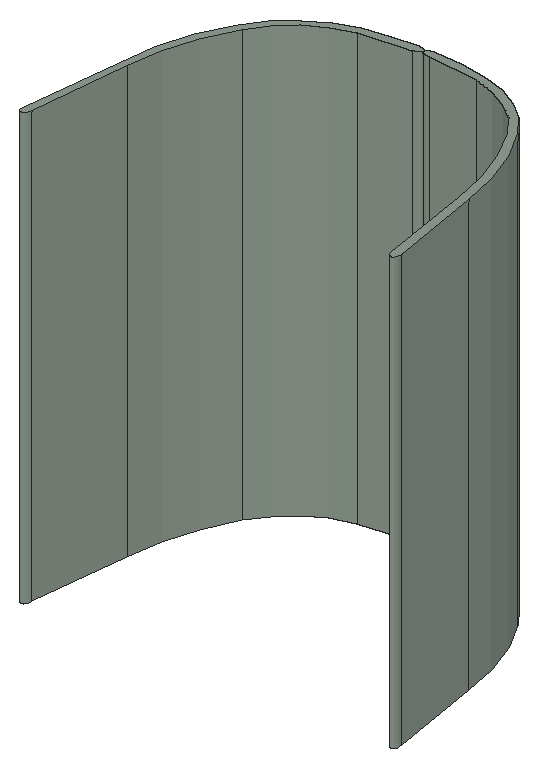
Revit family "FU_Panel_Sandler_KERN 1020PC", category Furniture, Revit 2022
Family settings
  OmniClass Number = 23.40.20.00
  OmniClass Title = General Furniture and Specialties
  Work Plane-Based = No
  Always vertical = Yes
  Cut with Voids When Loaded = No
  Render Appearance Source = Family Geometry
  Shared = No
  Room Calculation Point = No
Parameters (values of type "Kern 1020PC")
  Width = 935 mm
  URL = "https://www.sandlerseating.com/product/kern-1020pc/"
  Panel [instance] = Fabric - Mainline Flax - Bayswater MLF24
  Model = "Kern 1020PC"
  Manufacturer = "Sandler"
  Height = 1260 mm
  Description = "Three-sided privacy screen for Kern armchairs."
  Depth = 685 mm
  Default Elevation = 0 mm
Reference planes
  plane 1 "Center (Front/Back)": y = 0
  plane 2: z = 0
  plane 3 "Center (Left/Right)": x = 0
  plane 4 "Right": x = -467.5
  plane 5 "Left": x = 467.5
  plane 6 "Back": y = 379
  plane 7 "Front": y = -306
  plane 8 "Height": z = 1260
  plane 9 "Elevation": z = 170
Forms (mm)
  Sweep 1, solid, material "Fabric - Mainline Flax - Bayswater MLF24" <- "Panel"
    path origin (0, 379, 0) x (-1, 0, 0) y (0, 0, 1)
      loop
        line (0, 170) -> (0, 1260)
    profile origin (0, 379, 715) x (1, 0, 0) y (0, 1, 0)
      loop
        arc (-20.919, 0) -> (-87.321, -3.573) -> (-152.956, -14.241) r 619.594
        arc (-152.956, -14.241) -> (-263.73, -63.124) -> (-346.586, -151.413) r 303.571
        arc (-346.586, -151.413) -> (-405.092, -276.547) -> (-433.381, -411.755) r 599.071
        line (-433.381, -411.755) -> (-467.5, -663.74)
        spline (-467.5, -663.74) -> (-467.767, -668.922) -> (-467.287, -673.841) -> (-466.094, -678.161) -> (-464.269, -681.587) -> (-461.935, -683.887) -> (-459.253, -684.903) -> (-456.404, -684.566) -> (-453.584, -682.899) -> (-450.984, -680.016) -> (-448.781, -676.113) -> (-447.126, -671.457) -> (-446.131, -666.364)
        line (-446.131, -666.364) -> (-412.012, -414.379)
        arc (-412.012, -414.379) -> (-385.125, -283.156) -> (-329.302, -161.393) r 589.35
        arc (-329.302, -161.393) -> (-251.898, -78.577) -> (-147.642, -34.075) r 274.638
        arc (-147.642, -34.075) -> (-84.58, -24.608) -> (-20.912, -21.046) r 685.105
        spline (-20.912, -21.046) -> (-15.483, -20.687) -> (-10.424, -19.635) -> (-6.081, -17.962) -> (-2.748, -15.782) -> (-0.654, -13.244) -> (0.06, -10.521) -> (-0.656, -7.798) -> (-2.752, -5.26) -> (-6.086, -3.081) -> (-10.431, -1.409) -> (-15.49, -0.358) -> (-20.919, 0)
  Sweep 2, solid, material "Fabric - Mainline Flax - Bayswater MLF24" <- "Panel"
    path origin (0, 379, 0) x (1, 0, 0) y (0, 0, -1)
      loop
        line (0, -170) -> (0, -1260)
    profile origin (0, 379, 715) x (1, 0, 0) y (0, 1, 0)
      loop
        spline (20.919, 0) -> (15.49, -0.358) -> (10.431, -1.409) -> (6.086, -3.081) -> (2.752, -5.26) -> (0.656, -7.798) -> (-0.06, -10.521) -> (0.654, -13.244) -> (2.748, -15.782) -> (6.081, -17.962) -> (10.424, -19.635) -> (15.483, -20.687) -> (20.912, -21.046)
        arc (20.912, -21.046) -> (84.58, -24.608) -> (147.642, -34.075) r 685.105
        arc (147.642, -34.075) -> (251.898, -78.577) -> (329.302, -161.393) r 274.638
        arc (329.302, -161.393) -> (385.125, -283.156) -> (412.012, -414.379) r 589.35
        line (412.012, -414.379) -> (446.131, -666.364)
        spline (446.131, -666.364) -> (447.126, -671.457) -> (448.781, -676.113) -> (450.984, -680.016) -> (453.584, -682.899) -> (456.404, -684.566) -> (459.253, -684.903) -> (461.935, -683.887) -> (464.269, -681.587) -> (466.094, -678.161) -> (467.287, -673.841) -> (467.767, -668.922) -> (467.5, -663.74)
        line (467.5, -663.74) -> (433.381, -411.755)
        arc (433.381, -411.755) -> (405.092, -276.547) -> (346.586, -151.413) r 599.071
        arc (346.586, -151.413) -> (263.73, -63.124) -> (152.956, -14.241) r 303.571
        arc (152.956, -14.241) -> (87.321, -3.573) -> (20.919, 0) r 619.594
Dimensions and locks
  plane 6 "Back" to plane 1 "Center (Front/Back)" to plane 7 "Front" = 379 mm, 306 mm
  "Depth": plane 6 "Back" to plane 7 "Front"
  equal spacing: plane 4 "Right", plane 3 "Center (Left/Right)", plane 5 "Left"
  "Width": plane 4 "Right" to plane 5 "Left"
  "Height": plane 8 "Height" to level
  aligned and locked: level to plane 2
Automatic sketch dimensions
  Sweep 1 sketch curve to plane 3 "Center (Left/Right)" = 0 mm
  Sweep 1 sketch curve to plane 9 "Elevation" = 0 mm
  Sweep 1 sketch curve to plane 8 "Height" = 0 mm
  profile plane to Sweep 1 sketch curve = 467.5 mm
  Sweep 1 sketch curve to Sweep 1 sketch curve = 21.369 mm  (x2)
  Sweep 1 sketch curve to Sweep 1 sketch curve = 34.119 mm
  profile plane to Sweep 1 sketch curve = 94.274 mm
  Sweep 1 sketch curve to Sweep 1 sketch curve = 6.029 mm
  profile plane to Sweep 1 sketch curve = 20.879 mm
  profile plane to Sweep 1 sketch curve = 14.512 mm
  Sweep 1 sketch curve to profile plane = 163.228 mm
  Sweep 1 sketch curve to Sweep 1 sketch curve = 11.819 mm
  Sweep 1 sketch curve to plane 6 "Back" = 706.121 mm
  Sweep 1 sketch curve to Sweep 1 sketch curve = 39.757 mm
  Sweep 1 sketch curve to Sweep 1 sketch curve = 86.526 mm
  Sweep 1 sketch curve to Sweep 1 sketch curve = 153.298 mm
  Sweep 1 sketch curve to Sweep 1 sketch curve = 0.279 mm
  Sweep 1 sketch curve to Sweep 1 sketch curve = 251.985 mm
  Sweep 1 sketch curve to Sweep 1 sketch curve = 2.624 mm
  Sweep 1 sketch curve to Sweep 1 sketch curve = 155.183 mm
  Sweep 1 sketch curve to Sweep 1 sketch curve = 7.356 mm
  Sweep 1 sketch curve to Sweep 1 sketch curve = 0 mm  (x4)
  plane 6 "Back" to Sweep 1 sketch curve = 0 mm
  profile plane to Sweep 1 sketch curve = 20.917 mm
  Sweep 1 sketch curve to Sweep 1 sketch curve = 0.005 mm
  Sweep 2 sketch curve to plane 3 "Center (Left/Right)" = 0 mm
  Sweep 2 sketch curve to plane 8 "Height" = 0 mm
  Sweep 2 sketch curve to plane 9 "Elevation" = 0 mm
  profile plane to Sweep 2 sketch curve = 175.047 mm
  Sweep 2 sketch curve to Sweep 2 sketch curve = 11.819 mm
  Sweep 2 sketch curve to profile plane = 14.512 mm
  Sweep 2 sketch curve to profile plane = 20.879 mm
  Sweep 2 sketch curve to profile plane = 88.245 mm
  Sweep 2 sketch curve to Sweep 2 sketch curve = 6.029 mm
  Sweep 2 sketch curve to Sweep 2 sketch curve = 317.738 mm
  Sweep 2 sketch curve to Sweep 2 sketch curve = 21.369 mm  (x2)
  Sweep 2 sketch curve to Sweep 2 sketch curve = 34.119 mm
  Sweep 2 sketch curve to plane 6 "Back" = 706.121 mm
  Sweep 2 sketch curve to Sweep 2 sketch curve = 39.757 mm
  Sweep 2 sketch curve to Sweep 2 sketch curve = 86.526 mm
  Sweep 2 sketch curve to Sweep 2 sketch curve = 153.298 mm
  Sweep 2 sketch curve to Sweep 2 sketch curve = 0.279 mm
  Sweep 2 sketch curve to Sweep 2 sketch curve = 251.985 mm
  Sweep 2 sketch curve to Sweep 2 sketch curve = 2.624 mm
  Sweep 2 sketch curve to Sweep 2 sketch curve = 155.183 mm
  Sweep 2 sketch curve to Sweep 2 sketch curve = 7.356 mm
  Sweep 2 sketch curve to profile plane = 20.912 mm
  Sweep 2 sketch curve to Sweep 2 sketch curve = 0.005 mm
  plane 6 "Back" to Sweep 2 sketch curve = 0 mm
  Sweep 2 sketch curve to Sweep 2 sketch curve = 0.003 mm
  Sweep 2 sketch curve to Sweep 2 sketch curve = 5.314 mm
  Sweep 2 sketch curve to Sweep 2 sketch curve = 0 mm  (x2)
